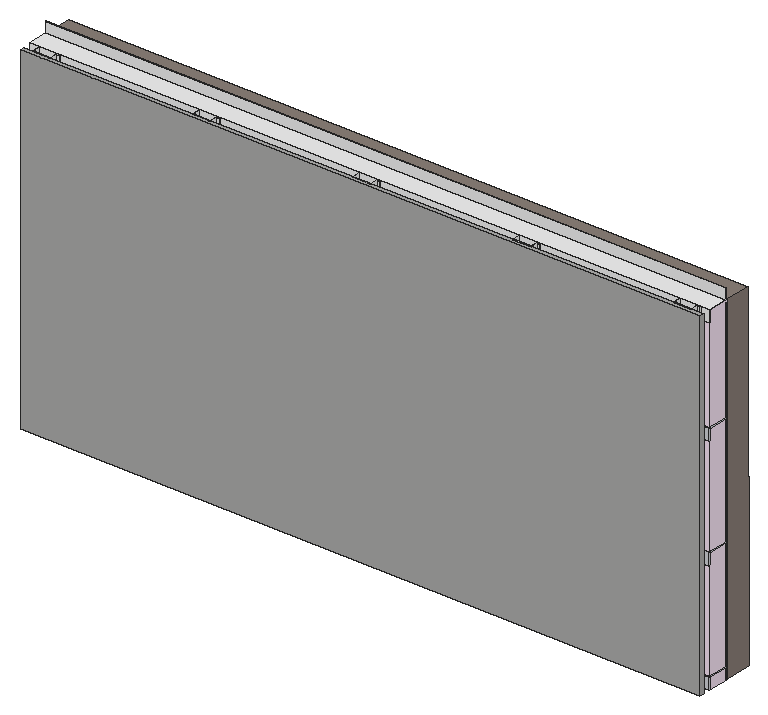
Revit family "Acrytec Panel - Eurokote", category Generic Models, Revit 2016
Family settings
  Part Type = Normal
  Can host rebar = No
  Round Connector Dimension = Use Diameter
  Work Plane-Based = No
  Always vertical = Yes
  Cut with Voids When Loaded = No
  Shared = No
  Room Calculation Point = No
Parameters
  panelHeight [instance] = 1220 mm
  Uninsulated Panel Type = not(Insulated Panel Type)  # no
  Insulated Panel Type = yes
  Vertical Girt Spacing [instance] = if(and(PanelWidth > 1799 mm, PanelWidth < 2301 mm), 1, (PanelWidth / 2) / 575 mm) + 1  # 3
  PanelWidth [instance] = 2440 mm
  PanelZGirt [instance] = 75 mm
  PanelThickness [instance] = PanelFinish + PanelZGirt + PanelHatSection  # 115.422 mm
  PanelHatSection [instance] = 25.383 mm
  PanelFinish [instance] = 15.04 mm
  Panel-A-CL-Offset = 382.729 mm
  Horizontal Girt Spacing [instance] = panelHeight / 400 mm  # 3
  Horizontal Girt Length [instance] = PanelWidth  # 2440 mm
  White = yes
  Gray = no
  Clay Brick = no
Reference planes
  plane 1 "Center (Front/Back)": y = 0
  plane 2: z = 0
  plane 3 "Center (Left/Right)": x = 0
  plane 4: y = -75
  plane 5: y = -115.422
  plane 6: z = 1220
  plane 7: y = -100.383
  plane 8: x = -1220
  plane 9: x = 1220
Forms (mm)
  Extrusion 1, solid, material "00 - Eurokote_Clay Brick", visible <- "Clay Brick"
    sketch origin (0, 0, 0) x (1, 0, 0) y (0, 0, 1)
      loop
        line (-1220, 0) -> (1220, 0) -> (1220, 1220) -> (-1220, 1220) -> (-1220, 0)
    from 100.383 to 115.422
  Extrusion 2, solid, material "2016-31-moisture Membrane", visible <- "Insulated Panel Type"
    sketch origin (0, 0, 0) x (1, 0, 0) y (0, 0, 1)
      loop
        line (-1220, 0) -> (1220, 0) -> (1220, 1220) -> (-1220, 1220) -> (-1220, 0)
    from -1 to 0
  Extrusion 3, solid, material "2016-31-Standard Brick", visible <- "Insulated Panel Type"
    sketch origin (0, 0, 0) x (1, 0, 0) y (0, 0, 1)
      loop
        line (-1220, 0) -> (1220, 0) -> (1220, 1220) -> (-1220, 1220) -> (-1220, 0)
    from -100 to -1
  Extrusion 4, solid, material "00 - Eurokote_Gray", visible <- "Gray"
    sketch origin (0, 0, 0) x (1, 0, 0) y (0, 0, 1)
      loop
        line (1220, 0) -> (1220, 1220) -> (-1220, 1220) -> (-1220, 0) -> (1220, 0)
    from 100.383 to 115.422
  Extrusion 5, solid, material "00 - Eurokote_White", visible <- "White"
    sketch origin (0, 0, 0) x (1, 0, 0) y (0, 0, 1)
      loop
        line (1220, 0) -> (1220, 1220) -> (-1220, 1220) -> (-1220, 0) -> (1220, 0)
    from 100.383 to 115.422
  Extrusion 6, solid, material "2016-31-Galvanized-Aluminum 2014-T4", not visible
    sketch origin (0, 0, 0) x (1, 0, 0) y (0, 1, 0)
      loop
        line (-609.6, -75) -> (-609.6, -100.383) -> (-544.314, -100.383) -> (-544.314, -76) -> (-532.497, -76) -> (-532.497, -75) -> (-545.314, -75) -> (-545.314, -99.383) -> (-608.6, -99.383) -> (-608.6, -75) -> (-609.6, -75)
    from 0 to 2438.4
  Extrusion 7, solid, material "2016-31-Galvanized-Aluminum 2014-T4"
    sketch origin (571.049, 0, 0) x (1, 0, 0) y (0, 1, 0)
      loop
        line (-609.6, -75) -> (-609.6, -100.383) -> (-544.314, -100.383) -> (-544.314, -76) -> (-532.497, -76) -> (-532.497, -75) -> (-545.314, -75) -> (-545.314, -99.383) -> (-608.6, -99.383) -> (-608.6, -75) -> (-609.6, -75)
    from 0 to 1220 <- "panelHeight"
  Extrusion 8, solid, material "2016-31-Galvanized-Aluminum 2014-T4"
    sketch origin (1146.049, 0, 0) x (1, 0, 0) y (0, 1, 0)
      loop
        line (-609.6, -75) -> (-609.6, -100.383) -> (-544.314, -100.383) -> (-544.314, -76) -> (-532.497, -76) -> (-532.497, -75) -> (-545.314, -75) -> (-545.314, -99.383) -> (-608.6, -99.383) -> (-608.6, -75) -> (-609.6, -75)
    from 0 to 1220 <- "panelHeight"
  Extrusion 9, solid, material "2016-31-Galvanized-Aluminum 2014-T4"
    sketch origin (-3.951, 0, 0) x (1, 0, 0) y (0, 1, 0)
      loop
        line (-609.6, -75) -> (-609.6, -100.383) -> (-544.314, -100.383) -> (-544.314, -76) -> (-532.497, -76) -> (-532.497, -75) -> (-545.314, -75) -> (-545.314, -99.383) -> (-608.6, -99.383) -> (-608.6, -75) -> (-609.6, -75)
    from 0 to 1220 <- "panelHeight"
  Extrusion 10, solid, material "2016-31-Rigid Insulation", visible <- "Insulated Panel Type"
    sketch origin (47.064, -614.101, 42.626) x (0, 1, 0) y (-1, 0, 0)
      loop
        line (616.26, 1267.064) -> (542.259, 1267.064) -> (542.259, -1172.936) -> (616.26, -1172.936) -> (616.26, 1267.064)
    from -42.626 to 1177.374
  Extrusion 11, solid, material "2016-31-Galvanized-Aluminum 2014-T4", visible <- "Insulated Panel Type"
    sketch origin (-2162.5, 0, 785) x (0, 1, 0) y (0, 0, 1)
      loop
        line (0, 475) -> (-2.875, 475) -> (-2.875, 437.626) -> (-74.375, 437.626) -> (-74.375, 395) -> (-71.842, 395) -> (-71.842, 435) -> (0, 435) -> (0, 475)
    from 3382.5 to 942.5
  Extrusion 12, solid, material "2016-31-Galvanized-Aluminum 2014-T4", visible <- "Uninsulated Panel Type"
    sketch origin (0, 0, 20) x (0, 1, 0) y (0, 0, 1)
      loop
        line (-99.383, 1180) -> (-96.849, 1180) -> (-96.849, 1200) -> (-74.375, 1200) -> (-74.375, 1222.626) -> (-76.975, 1222.626) -> (-76.975, 1202.626) -> (-99.383, 1202.626) -> (-99.383, 1180)
    from -1220 to 1220
  Extrusion 13, solid, material "2016-31-moisture Membrane", visible <- "Uninsulated Panel Type"
    sketch origin (0, -74.375, 0) x (1, 0, 0) y (0, 0, 1)
      loop
        line (-1220, 0) -> (1220, 0) -> (1220, 1220) -> (-1220, 1220) -> (-1220, 0)
    from -1 to 0
  Extrusion 14, solid, material "2016-31-Standard Brick", visible <- "Uninsulated Panel Type"
    sketch origin (0, -74.375, 0) x (1, 0, 0) y (0, 0, 1)
      loop
        line (-1220, 0) -> (1220, 0) -> (1220, 1220) -> (-1220, 1220) -> (-1220, 0)
    from -100 to -1
  Extrusion 15, solid, material "2016-31-Galvanized-Aluminum 2014-T4"
    sketch origin (1721.049, 0, 0) x (1, 0, 0) y (0, 1, 0)
      loop
        line (-609.6, -75) -> (-609.6, -100.383) -> (-544.314, -100.383) -> (-544.314, -76) -> (-532.497, -76) -> (-532.497, -75) -> (-545.314, -75) -> (-545.314, -99.383) -> (-608.6, -99.383) -> (-608.6, -75) -> (-609.6, -75)
    from 0 to 1220 <- "panelHeight"
  Extrusion 16, solid, material "2016-31-Galvanized-Aluminum 2014-T4"
    sketch origin (-578.951, 0, 0) x (1, 0, 0) y (0, 1, 0)
      loop
        line (-609.6, -75) -> (-609.6, -100.383) -> (-544.314, -100.383) -> (-544.314, -76) -> (-532.497, -76) -> (-532.497, -75) -> (-545.314, -75) -> (-545.314, -99.383) -> (-608.6, -99.383) -> (-608.6, -75) -> (-609.6, -75)
    from 0 to 1220 <- "panelHeight"
Dimensions and locks
  equal spacing: Extrusion 1 sketch curve, plane 3 "Center (Left/Right)", Extrusion 1 sketch curve
  "panelHeight": Extrusion 1 sketch curve to Extrusion 1 sketch curve
  "PanelWidth": Extrusion 1 sketch curve to Extrusion 1 sketch curve
  "panelHeight": plane 6 to level
  "PanelWidth": Extrusion 1 to Extrusion 1
  "PanelFinish": Extrusion 1 to Extrusion 1
  "PanelZGirt": plane 4 to plane 1 "Center (Front/Back)"
  "PanelThickness": plane 5 to plane 1 "Center (Front/Back)"
  "PanelWidth": Extrusion 2 sketch curve to Extrusion 2 sketch curve
  Extrusion 2 sketch curve to Extrusion 2 sketch curve = 1220 mm
  Extrusion 2 sketch curve to Extrusion 2 sketch curve = 2440 mm
  "PanelWidth": Extrusion 3 sketch curve to Extrusion 3 sketch curve
  Extrusion 3 sketch curve to Extrusion 3 sketch curve = 1220 mm
  Extrusion 3 sketch curve to Extrusion 3 sketch curve = 2440 mm
  equal spacing: Extrusion 4 sketch curve, plane 3 "Center (Left/Right)", Extrusion 4 sketch curve
  "panelHeight": Extrusion 4 sketch curve to Extrusion 4 sketch curve
  "PanelWidth": Extrusion 4 sketch curve to Extrusion 4 sketch curve
  equal spacing: Extrusion 5 sketch curve, plane 3 "Center (Left/Right)", Extrusion 5 sketch curve
  "panelHeight": Extrusion 5 sketch curve to Extrusion 5 sketch curve
  "PanelWidth": Extrusion 5 sketch curve to Extrusion 5 sketch curve
  equal spacing: plane 9, plane 3 "Center (Left/Right)", plane 8
  "PanelWidth": plane 9 to plane 8
  equal spacing: group 2, group 3, group 8  (x3)
  equal spacing: group 9, group 4, group 2
  equal spacing: group 2, group 4, group 9  (x2)
  equal spacing: group 5, group 6, group 7  (x3)
  Extrusion 2 to Extrusion 10 = 1220 mm
  "PanelWidth": Extrusion 13 sketch curve to Extrusion 13 sketch curve
  Extrusion 13 sketch curve to Extrusion 13 sketch curve = 1220 mm
  Extrusion 13 sketch curve to Extrusion 13 sketch curve = 2440 mm
  "PanelWidth": Extrusion 14 sketch curve to Extrusion 14 sketch curve
  Extrusion 14 sketch curve to Extrusion 14 sketch curve = 1220 mm
  Extrusion 14 sketch curve to Extrusion 14 sketch curve = 2440 mm
  aligned and locked: Extrusion 1 to plane 5
  aligned and locked: Extrusion 1 to plane 2
  aligned and locked: Extrusion 3 to Extrusion 2
  aligned and locked: Extrusion 3 to plane 2
  aligned and locked: Extrusion 1 to Extrusion 3
  aligned and locked: Extrusion 3 to Extrusion 1
  aligned and locked: Extrusion 1 to Extrusion 2
  aligned and locked: Extrusion 2 to plane 2
  aligned and locked: Extrusion 2 to Extrusion 1
  aligned and locked: plane 2 to level
  aligned and locked: plane 6 to Extrusion 3
  aligned and locked: plane 6 to Extrusion 2
  aligned and locked: plane 3 "Center (Left/Right)" to nested 1
  aligned and locked: nested 1 to plane 1 "Center (Front/Back)"
  aligned and locked: Extrusion 1 to Extrusion 10
  aligned and locked: Extrusion 10 to level
  aligned and locked: Extrusion 10 to Extrusion 1  (x2)
  aligned and locked: Extrusion 11 to Extrusion 1  (x2)
  aligned and locked: Extrusion 12 to Extrusion 1  (x2)
  aligned and locked: Extrusion 1 to Extrusion 12
  aligned and locked: Extrusion 14 to Extrusion 13
  aligned and locked: Extrusion 14 to level
  aligned and locked: Extrusion 13 to level
  aligned and locked: Extrusion 14 to Extrusion 1
  aligned and locked: Extrusion 13 to Extrusion 1
  aligned and locked: plane 6 to Extrusion 14
Automatic sketch dimensions
  Extrusion 6 sketch curve to Extrusion 6 sketch curve = 1 mm  (x4)
  Extrusion 6 sketch curve to Extrusion 6 sketch curve = 63.286 mm
  Extrusion 6 sketch curve to Extrusion 6 sketch curve = 11.817 mm
  Extrusion 6 sketch curve to Extrusion 6 sketch curve = 23.383 mm
  Extrusion 6 sketch curve to Extrusion 6 sketch curve = 24.383 mm
  Extrusion 7 sketch curve to Extrusion 7 sketch curve = 1 mm  (x4)
  Extrusion 7 sketch curve to Extrusion 7 sketch curve = 63.286 mm
  Extrusion 7 sketch curve to Extrusion 7 sketch curve = 11.817 mm
  Extrusion 7 sketch curve to Extrusion 7 sketch curve = 23.383 mm
  Extrusion 7 sketch curve to Extrusion 7 sketch curve = 24.383 mm
  Extrusion 8 sketch curve to Extrusion 8 sketch curve = 1 mm  (x4)
  Extrusion 8 sketch curve to Extrusion 8 sketch curve = 63.286 mm
  Extrusion 8 sketch curve to Extrusion 8 sketch curve = 11.817 mm
  Extrusion 8 sketch curve to Extrusion 8 sketch curve = 23.383 mm
  Extrusion 8 sketch curve to Extrusion 8 sketch curve = 24.383 mm
  Extrusion 9 sketch curve to Extrusion 9 sketch curve = 1 mm  (x4)
  Extrusion 9 sketch curve to Extrusion 9 sketch curve = 63.286 mm
  Extrusion 9 sketch curve to Extrusion 9 sketch curve = 11.817 mm
  Extrusion 9 sketch curve to Extrusion 9 sketch curve = 23.383 mm
  Extrusion 9 sketch curve to Extrusion 9 sketch curve = 24.383 mm
  Extrusion 10 sketch curve to plane 9 = 0 mm
  Extrusion 10 sketch curve to plane 8 = 0 mm
  plane 4 to Extrusion 10 sketch curve = 3.159 mm
  Extrusion 10 sketch curve to plane 1 "Center (Front/Back)" = 2.159 mm
  Extrusion 11 sketch curve to plane 6 = 0 mm
  Extrusion 11 sketch curve to plane 1 "Center (Front/Back)" = 0 mm
  plane 1 "Center (Front/Back)" to Extrusion 11 sketch curve = 2.875 mm
  plane 4 to Extrusion 11 sketch curve = 3.158 mm
  plane 4 to Extrusion 11 sketch curve = 0.625 mm
  Extrusion 11 sketch curve to Extrusion 11 sketch curve = 40 mm
  plane 6 to Extrusion 11 sketch curve = 2.626 mm
  Extrusion 11 sketch curve to Extrusion 11 sketch curve = 37.374 mm
  Extrusion 12 sketch curve to plane 6 = 0 mm
  plane 7 to Extrusion 12 sketch curve = 1 mm
  Extrusion 12 sketch curve to Extrusion 12 sketch curve = 2.534 mm
  Extrusion 12 sketch curve to plane 4 = 1.975 mm
  plane 4 to Extrusion 12 sketch curve = 0.625 mm
  Extrusion 12 sketch curve to plane 6 = 20 mm
  plane 6 to Extrusion 12 sketch curve = 2.626 mm
  Extrusion 12 sketch curve to Extrusion 12 sketch curve = 20 mm
  Extrusion 15 sketch curve to Extrusion 15 sketch curve = 1 mm  (x4)
  Extrusion 15 sketch curve to Extrusion 15 sketch curve = 63.286 mm
  Extrusion 15 sketch curve to Extrusion 15 sketch curve = 11.817 mm
  Extrusion 15 sketch curve to Extrusion 15 sketch curve = 23.383 mm
  Extrusion 15 sketch curve to Extrusion 15 sketch curve = 24.383 mm
  Extrusion 16 sketch curve to Extrusion 16 sketch curve = 1 mm  (x4)
  Extrusion 16 sketch curve to Extrusion 16 sketch curve = 63.286 mm
  Extrusion 16 sketch curve to Extrusion 16 sketch curve = 11.817 mm
  Extrusion 16 sketch curve to Extrusion 16 sketch curve = 23.383 mm
  Extrusion 16 sketch curve to Extrusion 16 sketch curve = 24.383 mm
  Extrusion 1 sketch curve to level = 0 mm
  Extrusion 2 sketch curve to plane 6 = 0 mm
  Extrusion 2 sketch curve to plane 8 = 0 mm
  Extrusion 3 sketch curve to plane 6 = 0 mm
  Extrusion 3 sketch curve to plane 8 = 0 mm
  Extrusion 4 sketch curve to level = 0 mm
  Extrusion 5 sketch curve to level = 0 mm
  Extrusion 13 sketch curve to plane 6 = 0 mm
  Extrusion 13 sketch curve to plane 8 = 0 mm
  Extrusion 14 sketch curve to plane 6 = 0 mm
  Extrusion 14 sketch curve to plane 8 = 0 mm
Nested families
  nested 1: "Horizontal Girt Nested Array" at (0, -37.5, 0), Girt Length <- "PanelWidth", visible <- "Insulated Panel Type", type "Horizontal Girt Nested Array"
    with Girt Length 2440 mm
  nested 2: "Horizontal Girt Nested Array" at (0, -37.5, 400), Girt Length <- "PanelWidth", visible <- "Insulated Panel Type", type "Horizontal Girt Nested Array"
    with Girt Length 2440 mm
  nested 3: "Horizontal Girt Nested Array" at (0, -37.5, 800), Girt Length <- "PanelWidth", visible <- "Insulated Panel Type", type "Horizontal Girt Nested Array"
    with Girt Length 2440 mm
Definition of nested family "Horizontal Girt Nested Array"
  Parameters (values of type "Horizontal Girt Nested Array")
    Girt Length [instance] = 500 mm
  Reference planes
    plane 1 "Center (Front/Back)": y = 0
    plane 2: z = 0
    plane 3 "Center (Left/Right)": x = 0
    plane 4: x = -250
    plane 5: x = 250
    plane 6: z = 3500
  Dimensions and locks
    equal spacing: plane 4, plane 3 "Center (Left/Right)", plane 5
    plane 6 to level = 3500 mm
    "Girt Length": plane 4 to plane 5
    plane 4 to plane 5 = 500 mm
    aligned and locked: level to plane 2
    aligned and locked: plane 4 to nested 1
    aligned and locked: plane 5 to nested 1
  Nested families
    nested 1: "Horizontal Girt" at (0, 0, 0), type "Horizontal Girt"
      with Girt Length 500 mm
  Definition of nested family "Horizontal Girt"
    Parameters (values of type "Horizontal Girt")
      Girt Length [instance] = 4000 mm
    Reference planes
      plane 1 "Center (Front/Back)": y = 0
      plane 2: z = 0
      plane 3 "Center (Left/Right)": x = 0
      plane 4: x = -2000
      plane 5: x = 2000
    Forms (mm)
      Extrusion 1, solid
        sketch origin (0, 0, 0) x (0, 1, 0) y (0, 0, 1)
          loop
            line (-37.5, 43) -> (-37.5, 0) -> (-34.5, 0) -> (-34.5, 40) -> (37.5, 40) -> (37.5, 80) -> (34.5, 80) -> (34.5, 43) -> (-37.5, 43)
        from -2000 to 2000
    Dimensions and locks
      equal spacing: plane 4, plane 3 "Center (Left/Right)", plane 5
      "Girt Length": plane 4 to plane 5
      aligned and locked: level to plane 2
      aligned and locked: Extrusion 1 to plane 4
      aligned and locked: plane 5 to Extrusion 1
    Automatic sketch dimensions
      Extrusion 1 sketch curve to Extrusion 1 sketch curve = 3 mm  (x3)
      Extrusion 1 sketch curve to level = 0 mm
      Extrusion 1 sketch curve to Extrusion 1 sketch curve = 37 mm
      plane 1 "Center (Front/Back)" to Extrusion 1 sketch curve = 37.5 mm
      Extrusion 1 sketch curve to plane 1 "Center (Front/Back)" = 34.5 mm
      level to Extrusion 1 sketch curve = 40 mm
